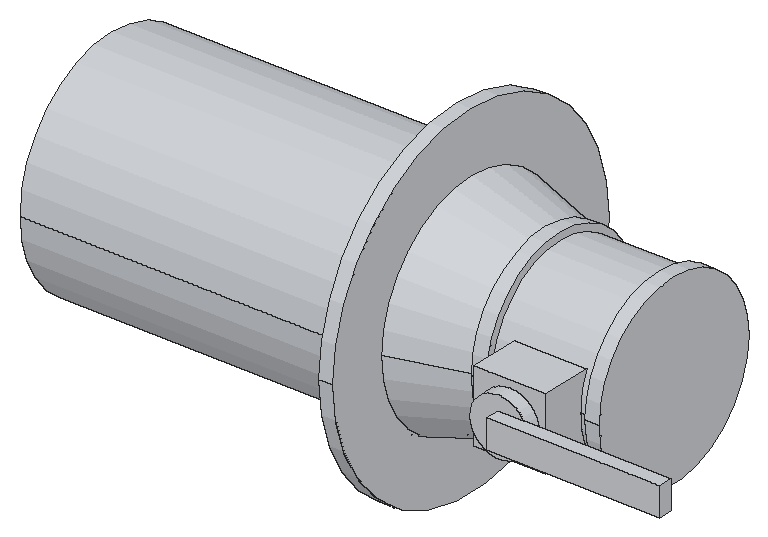
Revit family "M_Encaixe de duto redondo com abafador isolado - Cônico", category Conexões de duto, Revit 2019
Family settings
  Cota do conector redondo = Usar raio
  Tipo de parte = Derivação - Ajustável
  Número OmniClass = 23.75.70.14
  Título OmniClass = Air Ductwork
  ID de item do Seek = Round Takeoff with Standoff Damper - Conical-0000-CAN-ENU
  Com base no plano de trabalho = Não
  Sempre na vertical = Sim
  Corte com vazios quando carregada = Não
  Compartilhado = Não
Parameters (values of type "Padrão")
  Raio 2 [instance] = Raio do duto 2 + 6 mm  # 81 mm
  Altura 1 [instance] = Raio do duto 2 + Altura reserva  # 112.5 mm
  built-in parameter 1114214 [instance] = 300 mm
  built-in parameter 1114213 [instance] = 240 mm
  built-in parameter 1114215 [instance] = if(Diâmetro do duto 2 > 960 mm, Diâmetro do duto 2 * 0.25, 240 mm)  # 0.7874 (stored number, unit not read)
  Comprimento reserva [instance] = 62.5 mm
  Altura reserva [instance] = 37.5 mm
  Raio 1 [instance] = Largura do puxador * 2  # 25 mm
  Comprimento 1 [instance] = 12.5 mm
  Largura do puxador [instance] = 12.5 mm
  Comprimento do puxador [instance] = 150 mm
  Altura do puxador [instance] = 25 mm
  Meia largura [instance] = Raio do duto 1 / 2  # 50 mm
  Raio da cantoneira de borda [instance] = Raio do duto 1 + 50 mm  # 150 mm
  Espessura da borda da cantoneira [instance] = 12.5 mm
  Diâmetro do duto 2 [instance] = Raio do duto 2 * 2  # 150 mm
  Raio do duto 1 [instance] = 25 mm + Raio do duto 2  # 100 mm
  Comprimento 2 [instance] = [built-in parameter 1114213] * 0.35  # 84 mm
  Raio do duto 2 [instance] = 75 mm
  Diâmetro do duto 1 [instance] = Raio do duto 1 * 2  # 200 mm
  Assembly Code = ""
Reference planes
  plane 1 "Centro (Frente/Trás)": y = 0
  plane 2: z = 0
  plane 3 "Centro (Esquerda/Direita)": x = 0
  plane 4: x = -300
  plane 5: x = 240
  plane 6: x = 12.5
  plane 7: x = 84
  plane 8: x = 136.6
  plane 9: x = 189.2
  plane 10: y = -112.5
  plane 11: y = 75
Forms (mm)
  Extrusion 1, solid, detail levels medium+fine
    sketch origin (0, 0, 0) x (0, 1, 0) y (0, 0, 1)
      loop
        circle (0, 0) r 75
    from 84 to 189.2
  Blend 2, solid, detail levels medium+fine
    base sketch origin (0, 0, 0) x (0, 1, 0) y (0, 0, 1)
      loop
        circle (0, 0) r 100
    top sketch origin (0, 0, 0) x (0, 1, 0) y (0, 0, 1)
      loop
        circle (0, 0) r 75
    from 0 to 84
  Extrusion 3, solid, detail levels medium+fine
    sketch origin (0, 0, 0) x (0, 1, 0) y (0, 0, 1)
      loop
        circle (0, 0) r 81
    from 77.65 to 90.35
  Extrusion 4, solid, detail levels medium+fine
    sketch origin (0, 0, 0) x (0, 1, 0) y (0, 0, 1)
      loop
        circle (0, 0) r 81
    from 176.5 to 189.2
  Blend 5, solid, detail levels medium+fine
    base sketch origin (0, 0, 0) x (0, 1, 0) y (0, 0, 1)
      loop
        circle (0, 0) r 101.6
    top sketch origin (0, 0, 0) x (0, 1, 0) y (0, 0, 1)
      loop
        circle (0, 0) r 76.2
    from 0 to 84
  Extrusion 6, solid, detail levels medium+fine
    sketch origin (0, 0, 0) x (0, 1, 0) y (0, 0, 1)
      loop
        circle (0, 0) r 100
    from -300 to 0
  Extrusion 7, solid, detail levels medium+fine
    sketch origin (0, 0, 0) x (0, 1, 0) y (0, 0, 1)
      loop
        circle (0, 0) r 150
    from 0 to 12.5
  Extrusion 8, solid, detail levels medium+fine
    sketch origin (0, 0, 0) x (1, 0, 0) y (0, 0, 1)
      loop
        line (105.35, 31.25) -> (105.35, -31.25) -> (167.85, -31.25) -> (167.85, 31.25) -> (105.35, 31.25)
    from 0 to 112.5
  Extrusion 9, solid, detail levels medium+fine
    sketch origin (0, 0, 0) x (1, 0, 0) y (0, 0, 1)
      loop
        circle (136.6, 0) r 25
    from 112.5 to 125
  Extrusion 10, solid, detail levels medium+fine
    sketch origin (0, 0, 0) x (1, 0, 0) y (0, 0, 1)
      loop
        line (136.6, 12.5) -> (136.6, -12.5) -> (286.6, -12.5) -> (286.6, 12.5) -> (136.6, 12.5)
    from 125 to 137.5
Cuts and joins
  joined: Extrusion 1, Extrusion 3, Extrusion 4, Extrusion 8
  joined: Blend 2, Extrusion 7
Lines and regions (mm)
  model lines, not visible, detail levels medium+fine
    curve 1: line (0, 0, 0) -> (240, 0, 0)
  model lines, detail levels coarse
    curve 2: line (136.6, 75, 0) -> (136.6, -137.5, 0)
    curve 3: line (136.6, -137.5, 0) -> (286.6, -137.5, 0)
Dimensions and locks
  "built-in parameter 1114214": plane 4 to plane 3 "Centro (Esquerda/Direita)"
  "built-in parameter 1114213": plane 3 "Centro (Esquerda/Direita)" to plane 5
  "Espessura da borda da cantoneira": plane 3 "Centro (Esquerda/Direita)" to plane 6
  "Comprimento 2": plane 3 "Centro (Esquerda/Direita)" to plane 7
  locked: plane 9 to plane 5 at 50.8
  equal spacing: plane 7, plane 8, plane 9
  locked: Extrusion 3 to plane 7 at 6.35
  locked: plane 7 to Extrusion 3 at 6.35
  equal spacing: Extrusion 8 sketch curve, plane 8, Extrusion 8 sketch curve
  "Comprimento reserva": Extrusion 8 sketch curve to Extrusion 8 sketch curve  (x2)
  equal spacing: Extrusion 8 sketch curve, plane 2, Extrusion 8 sketch curve
  "Altura 1": plane 1 "Centro (Frente/Trás)" to plane 10
  "Comprimento 1": Extrusion 9 to plane 10
  equal spacing: Extrusion 10 sketch curve, plane 2, Extrusion 10 sketch curve
  "Altura do puxador": Extrusion 10 sketch curve to Extrusion 10 sketch curve
  "Comprimento do puxador": plane 8 to Extrusion 10 sketch curve
  "Largura do puxador": Extrusion 10 to Extrusion 10
  "Raio do duto 2": plane 1 "Centro (Frente/Trás)" to plane 11
  locked: Extrusion 4 to plane 9 at 12.7
  "Raio do duto 2": radius of Extrusion 1 sketch curve
  "Raio do duto 2": radius of Blend 2 sketch curve
  "Raio 2": radius of Extrusion 3 sketch curve
  "Raio 2": radius of Extrusion 4 sketch curve
  "Raio do duto 1": radius of Blend 2 sketch curve
  "Raio do duto 1": radius of Extrusion 6 sketch curve
  "Raio da cantoneira de borda": radius of Extrusion 7 sketch curve
  "Raio 1": radius of Extrusion 9 sketch curve
  aligned and locked: plane 3 "Centro (Esquerda/Direita)" to curve 1
  aligned and locked: plane 1 "Centro (Frente/Trás)" to curve 1
  aligned and locked: plane 5 to curve 1
  aligned and locked: plane 2 to Extrusion 1 sketch curve
  aligned and locked: plane 1 "Centro (Frente/Trás)" to Extrusion 1 sketch curve
  aligned and locked: Extrusion 1 to plane 7
  aligned and locked: plane 2 to Blend 2 sketch curve
  aligned and locked: plane 1 "Centro (Frente/Trás)" to Blend 2 sketch curve  (x2)
  aligned and locked: Blend 2 to plane 3 "Centro (Esquerda/Direita)"
  aligned and locked: plane 7 to Blend 2
  aligned and locked: plane 2 to Extrusion 3 sketch curve
  aligned and locked: plane 1 "Centro (Frente/Trás)" to Extrusion 3 sketch curve
  aligned and locked: plane 2 to Extrusion 4 sketch curve
  aligned and locked: plane 1 "Centro (Frente/Trás)" to Extrusion 4 sketch curve
  aligned and locked: level to Blend 2 sketch curve
  aligned and locked: plane 2 to Blend 5 sketch curve  (x2)
  aligned and locked: plane 1 "Centro (Frente/Trás)" to Blend 5 sketch curve  (x2)
  aligned and locked: Blend 5 to plane 3 "Centro (Esquerda/Direita)"
  aligned and locked: plane 7 to Blend 5
  aligned and locked: plane 2 to Extrusion 6 sketch curve
  aligned and locked: plane 1 "Centro (Frente/Trás)" to Extrusion 6 sketch curve
  aligned and locked: Extrusion 6 to plane 4
  aligned and locked: plane 3 "Centro (Esquerda/Direita)" to Extrusion 6
  aligned and locked: plane 2 to Extrusion 7 sketch curve
  aligned and locked: plane 1 "Centro (Frente/Trás)" to Extrusion 7 sketch curve
  aligned and locked: Extrusion 7 to plane 3 "Centro (Esquerda/Direita)"
  aligned and locked: plane 6 to Extrusion 7
  aligned and locked: Extrusion 8 to plane 1 "Centro (Frente/Trás)"
  aligned and locked: Extrusion 8 to plane 10
  aligned and locked: plane 2 to Extrusion 9 sketch curve
  aligned and locked: plane 8 to Extrusion 9 sketch curve
  aligned and locked: plane 10 to Extrusion 9
  aligned and locked: plane 8 to Extrusion 10 sketch curve
  aligned and locked: Extrusion 10 to Extrusion 9
  aligned and locked: curve 2 to plane 8
  aligned and locked: curve 3 to Extrusion 10  (x2)
  aligned and locked: plane 11 to curve 2
  aligned and locked: plane 9 to Extrusion 4
  aligned and locked: plane 9 to cut or joined group of Extrusion 1, Extrusion 3, Extrusion 4, Extrusion 8
Automatic sketch dimensions
  radius of Blend 5 sketch curve = 101.6 mm
  radius of Blend 5 sketch curve = 76.2 mm
Connectors
  hvac at (0, 0, 0), driven by "Raio do duto 2"
    settings: on Blend 2, index 1, duct flow 0.0 L/s, flow factor 0, pres drop 0.0 Pa, loss coef 0, conn angle 0.00°, conn width 304.8 mm, conn height 304.8 mm, conn diameter 150 mm, duct sys type 28, conn prof type 0, flow config 0, flow direction 0, loss method 0, conn ref index 2, conn util no, is conn primary yes, conn desc ""
  hvac at (189.2, 0, 0), driven by "Raio do duto 2"
    settings: on cut or joined group of Extrusion 1, Extrusion 3, Extrusion 4, Extrusion 8, index 2, duct flow 0.0 L/s, flow factor 0, pres drop 0.0 Pa, loss coef 0, conn angle 0.00°, conn width 304.8 mm, conn height 304.8 mm, conn diameter 150 mm, duct sys type 28, conn prof type 0, flow config 0, flow direction 0, loss method 0, conn ref index 1, conn util no, is conn primary no, conn desc ""
